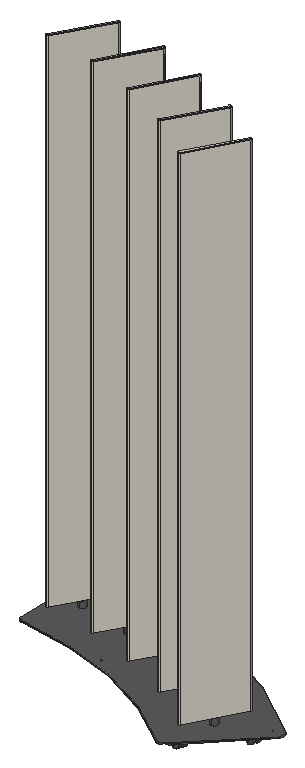
Revit family "Haworth_BuzziBlinds_ClassicScreen_CurveBase", category Furniture, Revit 2018
Family settings
  OmniClass Number = 23.40.20.00
  OmniClass Title = General Furniture and Specialties
  Work Plane-Based = No
  Always vertical = Yes
  Cut with Voids When Loaded = No
  Shared = No
  Room Calculation Point = No
Parameters (values of type "HCBZ-BDC3-CC - Large Screen - With Casters")
  Upholstery Finish [instance] = Haworth _ Fabric _ Buzzifelt _ Offwhite BFE-63
  Warranty = "http://www.haworth.com/resources/product-info/warranties"
  URL - Product = "https://www.haworth.com/products/architectural-interiors/acoustic-solutions/buzziblinds"
  URL = "http://www.haworth.com/our-brands/haworth-collection"
  Small = not(or(Medium, Large))  # no
  Size = "Verify Final Dim. w/ Haworth"  # constant formula
  Revision = "1"  # constant formula
  Model = "HCBZ-BD"  # constant formula
  Medium = no
  Manufacturer = "Haworth"  # constant formula
  Large = yes
  Description = "Haworth BuzziBlinds - Large Classic Screen - Curved Base - With Casters"
  Casters = yes
  Base Finish [instance] = Haworth _ Paint _ Collection Black
  Author = "Haworth (Alias)"  # constant formula
  Assembly Code = "E2020200"
  Actual Width = 42.910"  # constant formula
  Actual Height = if(Small, 45.280", if(Medium, 59.060", 72.830"))  # 72.830"
  Actual Depth = 17.130"  # constant formula
Types (7): name | Small | Medium | Large | Description | Casters | Actual Height
  (no name) | no | no | yes | "Haworth BuzziBlinds - Large Classic Screen - Curved Base - With Casters" | yes | 72.830"
  HCBZ-BDC3-CC - Large Screen - With Casters | no | no | yes | "Haworth BuzziBlinds - Large Classic Screen - Curved Base - With Casters" | yes | 72.830"
  HCBZ-BDC3-C - Large Screen - Without Casters | no | no | yes | "Haworth BuzziBlinds - Large Classic Screen - Curved Base - Without Casters" | no | 72.830"
  HCBZ-BDC2-CC - Medium Screen - With Casters | no | yes | no | "Haworth BuzziBlinds - Medium Classic Screen - Curved Base - With Casters" | yes | 59.060"
  HCBZ-BDC2-C - Medium Screen - Without Casters | no | yes | no | "Haworth BuzziBlinds - Medium Classic Screen - Curved Base - Without Casters" | no | 59.060"
  HCBZ-BDC1-CC - Small Screen - With Casters | yes | no | no | "Haworth BuzziBlinds - Small Classic Screen - Curved Base - With Casters" | yes | 45.280"
  HCBZ-BDC1-C - Small Screen - Without Casters | yes | no | no | "Haworth BuzziBlinds - Small Classic Screen - Curved Base - Without Casters" | no | 45.280"
Reference planes (in)
  plane 1: z = 0
  plane 2 "Center Left/Right": x = 0
  plane 3 "Center F/B": y = -2.83752
  plane 4 "Left": x = -18.43171
  plane 5 "Back": y = 8.5981
  plane 6 "Right": x = 21.17298
  plane 7 "Front": y = -17.91684
  plane 8: x = 7.08705
  plane 9: x = 13.43757
  plane 10: x = -7.08111
  plane 11: x = -14.66257
  plane 12: y = -10.62747
  plane 13: y = -6.2655
  plane 14: y = -0.39686
  plane 15: y = 1.01215
  plane 16: through (21.17298, -8.25233, 48) normal (0.7071, -0.7071, 0)
  plane 17: through (20.95093, -7.40915, 48) normal (0.7071, 0.7071, 0)
  plane 18: through (10.66035, -17.69973, 48) normal (0.7071, 0.7071, 0)
  plane 19: y = -5.90774
Dimensions and locks (in)
  aligned and locked: plane 3 "Center F/B" to nested 2
  aligned and locked: plane 3 "Center F/B" to nested 6
  aligned and locked: nested 4 to plane 13
  aligned and locked: nested 5 to plane 12
  aligned and locked: plane 14 to nested 1
  aligned and locked: plane 15 to nested 3
  aligned and locked: nested 1 to nested 6
  aligned and locked: nested 4 to nested 6
  aligned and locked: plane 2 "Center Left/Right" to nested 6
  aligned and locked: plane 2 "Center Left/Right" to nested 2
  aligned and locked: nested 3 to plane 11
  aligned and locked: plane 8 to nested 4
  aligned and locked: plane 9 to nested 5
  aligned and locked: plane 1 to nested 6
  aligned and locked: nested 3 to nested 6
  aligned and locked: nested 2 to nested 6
  aligned and locked: nested 5 to nested 6
Nested families (in)
  nested 1: "Haworth_BuzziBlinds_ClassicScreen_Part" at (-7.08111, 2.44066, 0), type "Screen"
  nested 2: "Haworth_BuzziBlinds_ClassicScreen_Part" at (0, 0, 0), type "Screen"
  nested 3: "Haworth_BuzziBlinds_ClassicScreen_Part" at (-14.66257, 3.84966, 0), type "Screen"
  nested 4: "Haworth_BuzziBlinds_ClassicScreen_Part" at (7.08705, -3.42798, 0), type "Screen"
  nested 5: "Haworth_BuzziBlinds_ClassicScreen_Part" at (13.43757, -7.78996, 0), type "Screen"
  nested 6: "Haworth_BuzziBlinds_CurveBase_PART" at (0, 0, 0), type "Curve Base"
Definition of nested family "Haworth_BuzziBlinds_ClassicScreen_Part"
  Parameters (values of type "Screen")
    Upholstery Finish = none
    Warranty = "http://www.haworth.com/resources/product-info/warranties"
    URL - Product = "https://www.haworth.com/products/architectural-interiors/acoustic-solutions/buzziblinds"
    URL = "http://www.haworth.com/our-brands/haworth-collection"
    Size = "Verify Final Dim. w/ Haworth"  # constant formula
    Revision = "1"  # constant formula
    Model = "HCBZ-BD"  # constant formula
    Manufacturer = "Haworth"  # constant formula
    Description = "Haworth - BuzziBlinds - Screen Part"
    Base Finish = none
    Author = "Haworth (Alias)"  # constant formula
    Assembly Code = "E2020200"
    Actual Height = 72.830"
  Reference planes (in)
    plane 1: z = 0
    plane 2 "Center Left/Right": x = 0
    plane 3 "Center FB": y = -2.83752
    plane 4 "Screen Bottom": z = 2.36211
    plane 5 "Screen Top": z = 76.0085
    plane 6: z = 3.1785
    plane 7 "Middle Screen": through (2.09732, 0.79466, 48) normal (0.866, -0.5, 0)
  Forms (in)
    Revolve 1, solid, material <- "Base Finish"
      sketch origin (0, 0, 0) x (0, 1, 0) y (0, 0, 1)
        loop
          line (-2.83752, 3.1785) -> (-2.83752, 2.36211) -> (-2.34547, 2.36211) -> (-2.34547, 3.1785) -> (-2.83752, 3.1785)
        axis (-2.83752, 3.1785) -> (-2.83752, 2.36211)
      angle from 0 to 360
    Blend 2, solid, material <- "Upholstery Finish"
      base sketch origin (0, 0, 0) x (1, 0, 0) y (0, 1, 0)
        loop
          arc (2.33848, 0.66119) -> (2.28804, 0.84942) -> (2.09981, 0.79899) r 0.13779
          line (2.09981, 0.79899) -> (-2.09932, -6.47412)
          arc (-2.09932, -6.47412) -> (-2.04888, -6.66235) -> (-1.86065, -6.61191) r 0.13779
          line (-1.86065, -6.61191) -> (2.33848, 0.66119)
      top sketch origin (0, 0, 0) x (1, 0, 0) y (0, 1, 0)
        loop
          arc (2.33848, 0.66119) -> (2.28804, 0.84942) -> (2.09981, 0.79899) r 0.13779
          line (2.09981, 0.79899) -> (-2.09932, -6.47412)
          arc (-2.09932, -6.47412) -> (-2.04888, -6.66235) -> (-1.86065, -6.61191) r 0.13779
          line (-1.86065, -6.61191) -> (2.33848, 0.66119)
      from 3.1785 to 76.0085
    Blend 3, solid, material <- "Upholstery Finish"
      base sketch origin (2.45778, -1.419, 0) x (-0.5, 0.866025, 0) y (-0.866025, -0.5, 0)
        loop
          line (2.33848, -0.66119) -> (-1.86065, 6.61191)
          arc (-1.86065, 6.61191) -> (-2.04888, 6.66235) -> (-2.09932, 6.47412) r 0.13779
          line (-2.09932, 6.47412) -> (2.09981, -0.79899)
          arc (2.09981, -0.79899) -> (2.28804, -0.84942) -> (2.33848, -0.66119) r 0.13779
      top sketch origin (2.45778, -1.419, 0) x (-0.5, 0.866025, 0) y (-0.866025, -0.5, 0)
        loop
          line (2.33848, -0.66119) -> (-1.86065, 6.61191)
          arc (-1.86065, 6.61191) -> (-2.04888, 6.66235) -> (-2.09932, 6.47412) r 0.13779
          line (-2.09932, 6.47412) -> (2.09981, -0.79899)
          arc (2.09981, -0.79899) -> (2.28804, -0.84942) -> (2.33848, -0.66119) r 0.13779
      from 3.1785 to 76.0085
  Lines and regions (in)
    Masking region 1
      outline origin (0, 0, 8.6974) x (0, -1, 0) y (1, 0, 0)
        loop
          arc (-0.66119, 2.33848) -> (-0.84942, 2.28804) -> (-0.79899, 2.09981) r 0.13779
          arc (-0.79899, 2.09981) -> (-0.98721, 2.04938) -> (-0.93678, 1.86115) r 0.13779
          line (-0.93678, 1.86115) -> (6.33633, -2.33798)
          arc (6.33633, -2.33798) -> (6.52456, -2.28755) -> (6.47412, -2.09932) r 0.13779
          arc (6.47412, -2.09932) -> (6.66235, -2.04888) -> (6.61191, -1.86065) r 0.13779
          line (6.61191, -1.86065) -> (-0.66119, 2.33848)
  Dimensions and locks (in)
    locked: plane 6 to plane 4 "Screen Bottom" at 0.81639
    "Actual Height": plane 5 "Screen Top" to plane 6
    aligned and locked: Blend 2 to plane 6
    aligned and locked: plane 5 "Screen Top" to Blend 2
    aligned and locked: plane 5 "Screen Top" to Blend 3
  Automatic sketch dimensions
    Revolve 1 sketch curve to plane 3 "Center FB" = 0.000"  (x2)
    Revolve 1 sketch curve to plane 6 = 0.000"
    plane 4 "Screen Bottom" to Revolve 1 sketch curve = 0.000"
    Revolve 1 sketch curve to plane 3 "Center FB" = 0.49205"
    plane 4 "Screen Bottom" to Revolve 1 sketch curve = 0.93211"
    plane 6 to Revolve 1 sketch curve = 0.29688"
    plane 7 "Middle Screen" to Blend 2 sketch curve = 0.000"  (x4)
    Blend 2 sketch curve to plane 2 "Center Left/Right" = 2.09932"  (x2)
    Blend 2 sketch curve to Blend 2 sketch curve = 0.11933"  (x8)
    plane 2 "Center Left/Right" to Blend 2 sketch curve = 2.09981"  (x2)
    Blend 2 sketch curve to Blend 2 sketch curve = 0.0689"  (x2)
    Blend 2 sketch curve to Blend 2 sketch curve = 0.13779"  (x2)
    plane 7 "Middle Screen" to Blend 3 sketch curve = 0.000"  (x4)
    plane 2 "Center Left/Right" to Blend 3 sketch curve = 2.09932"  (x2)
    Blend 3 sketch curve to Blend 3 sketch curve = 0.11933"  (x8)
    Blend 3 sketch curve to Blend 3 sketch curve = 4.19913"  (x2)
    Blend 3 sketch curve to Blend 3 sketch curve = 0.0689"  (x2)
    Blend 3 sketch curve to Blend 3 sketch curve = 0.13779"  (x2)
    plane 7 "Middle Screen" to Masking region 1 sketch curve = 0.000"  (x4)
    plane 2 "Center Left/Right" to Masking region 1 sketch curve = 1.86115"
    Masking region 1 sketch curve to plane 3 "Center FB" = 3.77429"
    Masking region 1 sketch curve to Masking region 1 sketch curve = 0.0689"  (x6)
    Masking region 1 sketch curve to Masking region 1 sketch curve = 0.13779"  (x2)
    plane 2 "Center Left/Right" to Masking region 1 sketch curve = 2.33848"
    plane 3 "Center FB" to Masking region 1 sketch curve = 3.49881"
    Masking region 1 sketch curve to plane 2 "Center Left/Right" = 1.86065"
    Masking region 1 sketch curve to Masking region 1 sketch curve = 0.23866"
    Masking region 1 sketch curve to Masking region 1 sketch curve = 0.000"  (x2)
Definition of nested family "Haworth_BuzziBlinds_CurveBase_PART"
  Parameters (values of type "Curve Base")
    Warranty = "http://www.haworth.com/resources/product-info/warranties"
    URL - Product = "https://www.haworth.com/products/architectural-interiors/acoustic-solutions/buzziblinds"
    URL = "http://www.haworth.com/our-brands/haworth-collection"
    Size = "Verify Final Dim. w/ Haworth"  # constant formula
    Revision = "1"  # constant formula
    Model = "HCBZ-BD"  # constant formula
    Manufacturer = "Haworth"  # constant formula
    Description = "Haworth - BuzziBlinds - Base Part"
    Casters = yes
    Caster Finish = none
    Base Offset = if(Casters, 1.430", 0.000")  # 1.430"
    Base Finish = none
    Author = "Haworth (Alias)"  # constant formula
    Assembly Code = "E2020200"
    Arc Radius = 0.750"  # constant formula
    Actual Width = 42.910"  # constant formula
    Actual Depth = 17.130"  # constant formula
  Reference planes (in)
    plane 1: z = 0
    plane 2 "Center Left/Right": x = 0
    plane 3 "Center FB": y = -2.83752
    plane 4: z = 1.43
    plane 5 "Middle Base": z = 2.244
    plane 6 "Top Base": z = 2.36211
    plane 7: x = -18.43171
    plane 8: through (20.92701, -8.4983, 48) normal (0.7071, -0.7071, 0)
    plane 9: y = 8.5981
    plane 10: y = -17.91684
    plane 11: x = 21.17298
  Forms (in)
    Extrusion 1, solid, material <- "Base Finish"
      sketch origin (0, 0, 0) x (1, 0, 0) y (0, 1, 0)
        loop
          line (-18.4467, 7.8481) -> (-18.4467, -5.1623)
          arc (-18.4467, -5.1623) -> (-18.24605, -5.6729) -> (-17.75146, -5.9103) r 0.75
          arc (-17.75146, -5.9103) -> (-2.5666, -9.52076) -> (10.70592, -17.73388) r 48.87817
          arc (10.70592, -17.73388) -> (11.22393, -17.91684) -> (11.72767, -17.69764) r 0.75
          line (11.72767, -17.69764) -> (20.95356, -8.47175)
          arc (20.95356, -8.47175) -> (21.17298, -7.92183) -> (20.92514, -7.38412) r 0.75
          arc (20.92514, -7.38412) -> (3.00733, 3.92253) -> (-17.65754, 8.59708) r 62.53216
          arc (-17.65754, 8.59708) -> (-18.213, 8.3921) -> (-18.4467, 7.8481) r 0.75
      from 2.244 to 2.36211
    Extrusion 2, solid, material <- "Base Finish"
      sketch origin (0, 0, 8.6974) x (0, -1, 0) y (1, 0, 0)
        loop
          arc (4.12471, -17.26559) -> (4.63107, -17.06886) -> (4.87177, -16.58186) r 0.75
          arc (4.87177, -16.58186) -> (8.42312, -2.10643) -> (16.14761, 10.64042) r 49.1811
          arc (16.14761, 10.64042) -> (16.32176, 11.15499) -> (16.10283, 11.65215) r 0.75
          line (16.10283, 11.65215) -> (8.52445, 19.23053)
          arc (8.52445, 19.23053) -> (7.96676, 19.44971) -> (7.42653, 19.19046) r 0.75
          arc (7.42653, 19.19046) -> (-2.83137, 2.55533) -> (-7.34075, -16.46092) r 61.38588
          arc (-7.34075, -16.46092) -> (-7.14207, -17.02623) -> (-6.59275, -17.26559) r 0.75
          line (-6.59275, -17.26559) -> (4.12471, -17.26559)
      from -7.2674 to -6.4534
  Lines and regions (in)
    Masking region 1
      outline origin (0, 0, 8.6974) x (0, -1, 0) y (1, 0, 0)
        loop
          arc (5.9103, -17.75146) -> (9.52076, -2.5666) -> (17.73388, 10.70592) r 48.87817
          arc (17.73388, 10.70592) -> (17.91684, 11.22393) -> (17.69764, 11.72767) r 0.75
          line (17.69764, 11.72767) -> (8.47175, 20.95356)
          arc (8.47175, 20.95356) -> (7.92183, 21.17298) -> (7.38412, 20.92514) r 0.75
          arc (7.38412, 20.92514) -> (-3.92253, 3.00733) -> (-8.59708, -17.65754) r 62.53216
          arc (-8.59708, -17.65754) -> (-8.3921, -18.213) -> (-7.8481, -18.4467) r 0.75
          line (-7.8481, -18.4467) -> (5.1623, -18.4467)
          arc (5.1623, -18.4467) -> (5.6729, -18.24605) -> (5.9103, -17.75146) r 0.75
  Dimensions and locks (in)
    locked: plane 6 "Top Base" to plane 5 "Middle Base" at 0.11811
    locked: plane 5 "Middle Base" to plane 4 at 0.814
    "Base Offset": plane 4 to plane 1
    aligned and locked: plane 6 "Top Base" to Extrusion 1
    aligned and locked: Extrusion 1 to plane 5 "Middle Base"
    aligned and locked: Extrusion 2 to plane 4
    aligned and locked: plane 5 "Middle Base" to Extrusion 2
  Automatic sketch dimensions
    plane 8 to Extrusion 1 sketch curve = 0.000"
    Extrusion 1 sketch curve to plane 7 = 2.88869"
    Extrusion 1 sketch curve to Extrusion 1 sketch curve = 0.39806"
    Extrusion 1 sketch curve to plane 7 = 0.01499"
    plane 7 to Extrusion 1 sketch curve = 0.73501"  (x2)
    Extrusion 1 sketch curve to plane 10 = 0.74953"
    Extrusion 1 sketch curve to plane 11 = 9.97563"
    Extrusion 1 sketch curve to plane 10 = 0.2192"
    Extrusion 1 sketch curve to Extrusion 1 sketch curve = 0.53033"  (x2)
    Extrusion 1 sketch curve to plane 11 = 0.74974"
    Extrusion 1 sketch curve to plane 11 = 0.21941"
    plane 10 to Extrusion 1 sketch curve = 35.93295"
    Extrusion 1 sketch curve to Extrusion 1 sketch curve = 0.80821"
    plane 3 "Center FB" to Extrusion 1 sketch curve = 2.32479"
    Extrusion 1 sketch curve to plane 9 = 0.750"
    Extrusion 1 sketch curve to Extrusion 1 sketch curve = 0.000"  (x2)
    Extrusion 2 sketch curve to plane 9 = 2.00536"
    plane 3 "Center FB" to Extrusion 2 sketch curve = 1.28719"
    Extrusion 2 sketch curve to plane 11 = 2.47277"
    plane 3 "Center FB" to Extrusion 2 sketch curve = 5.1566"
    Extrusion 2 sketch curve to plane 11 = 1.94244"
    Extrusion 2 sketch curve to Extrusion 2 sketch curve = 0.53033"  (x3)
    Extrusion 2 sketch curve to plane 10 = 2.34434"
    Extrusion 2 sketch curve to plane 7 = 2.49552"
    plane 10 to Extrusion 2 sketch curve = 35.9437"
    Extrusion 2 sketch curve to Extrusion 2 sketch curve = 0.02125"
    Extrusion 2 sketch curve to Extrusion 2 sketch curve = 0.0088"
    plane 7 to Extrusion 2 sketch curve = 1.16612"
    Extrusion 2 sketch curve to Extrusion 2 sketch curve = 0.750"  (x2)
    Extrusion 2 sketch curve to plane 11 = 10.05116"
    Extrusion 2 sketch curve to Extrusion 2 sketch curve = 0.000"  (x2)
    plane 8 to Masking region 1 sketch curve = 0.000"
    Masking region 1 sketch curve to plane 9 = 0.750"
    plane 7 to Masking region 1 sketch curve = 0.73501"  (x2)
    plane 3 "Center FB" to Masking region 1 sketch curve = 2.32479"
    Masking region 1 sketch curve to plane 11 = 0.74974"
    plane 3 "Center FB" to Masking region 1 sketch curve = 5.1039"
    Masking region 1 sketch curve to plane 11 = 0.21941"
    Masking region 1 sketch curve to plane 10 = 0.74953"
    Masking region 1 sketch curve to plane 10 = 0.2192"
    Masking region 1 sketch curve to plane 7 = 2.49063"
    plane 10 to Masking region 1 sketch curve = 35.93295"
    Masking region 1 sketch curve to Masking region 1 sketch curve = 0.80821"
    Masking region 1 sketch curve to Masking region 1 sketch curve = 0.39806"
    Masking region 1 sketch curve to plane 7 = 0.01499"
    Masking region 1 sketch curve to plane 11 = 9.97563"
    Masking region 1 sketch curve to Masking region 1 sketch curve = 0.53033"
    Masking region 1 sketch curve to Masking region 1 sketch curve = 0.000"  (x2)
  Nested families (in)
    nested 1: "Haworth_BuzziBlinds_Casters_PART" at (-15.29542, 5.28127, 0) x (0.9239, -0.3827, 0) z (0, 0, 1), visible <- "Casters", type "Casters"
    nested 2: "Haworth_BuzziBlinds_Casters_PART" at (-15.30067, -3.01889, 0) x (0.9239, -0.3827, 0) z (0, 0, 1), visible <- "Casters", type "Casters"
    nested 3: "Haworth_BuzziBlinds_Casters_PART" at (16.91152, -8.05898, 0) x (0.9239, -0.3827, 0) z (0, 0, 1), visible <- "Casters", type "Casters"
    nested 4: "Haworth_BuzziBlinds_Casters_PART" at (11.05014, -13.91829, 0) x (0.9239, -0.3827, 0) z (0, 0, 1), visible <- "Casters", type "Casters"
  Definition of nested family "Haworth_BuzziBlinds_Casters_PART"
    Parameters (values of type "Casters")
      Warranty = "http://www.haworth.com/product-info/warranties"
      Version = "1"  # constant formula
      URL - Product = "https://www.haworth.com/products/architectural-interiors/acoustic-solutions/buzziblinds"
      URL = "http://www.haworth.com/our-brands/haworth-collection"
      Size = "Verify Final Dim. w/ Haworth"  # constant formula
      Model = "HCBZ-BD"  # constant formula
      Manufacturer = "Haworth"  # constant formula
      Description = "Haworth BuzziBlinds - Casters Part"
      Caster Finish = none
      Author = "Haworth (Alias)"  # constant formula
      Assembly Code = "E2020200"
    Reference planes (in)
      plane 1 "Center Front/Back": y = 0
      plane 2 "Bottom": z = 0
      plane 3 "Center Left/Right": x = 0
      plane 4: z = 1.77165
    Forms (in)
      Revolve 1, solid, material <- "Caster Finish"
        sketch origin (0, 0, 0) x (0, 1, 0) y (0, 0, 1)
          loop
            line (-0.74803, 0.70866) -> (0.74803, 0.70866) -> (0.74803, 1.16732)
            arc (0.74803, 1.16732) -> (0.67481, 1.3441) -> (0.49803, 1.41732) r 0.25
            line (0.49803, 1.41732) -> (0.27559, 1.41732) -> (0.27559, 0.98425) -> (-0.27559, 0.98425) -> (-0.27559, 1.41732) -> (-0.49803, 1.41732)
            arc (-0.49803, 1.41732) -> (-0.67481, 1.3441) -> (-0.74803, 1.16732) r 0.25
            line (-0.74803, 1.16732) -> (-0.74803, 0.70866)
          axis (-0.74803, 0.70866) -> (0.74803, 0.70866)
        angle from 0 to 360
      Revolve 2, solid, material <- "Caster Finish"
        sketch origin (0, 0, 0) x (0, 1, 0) y (0, 0, 1)
          loop
            line (0, 1.77165) -> (0, 0.82558) -> (0.10753, 0.82558) -> (0.10753, 1.77165) -> (0, 1.77165)
          axis (0, 1.77165) -> (0, 0.82558)
        angle from 0 to 360
    Lines and regions (in)
      Masking region 1
        outline origin (0, 0, 0) x (1, 0, 0) y (0, 1, 0)
          loop
            line (-0.27559, -0.27559) -> (-0.70866, -0.27559) -> (-0.70866, -0.49803)
            arc (-0.70866, -0.49803) -> (-0.63544, -0.67481) -> (-0.45866, -0.74803) r 0.25
            line (-0.45866, -0.74803) -> (0.45866, -0.74803)
            arc (0.45866, -0.74803) -> (0.63544, -0.67481) -> (0.70866, -0.49803) r 0.25
            line (0.70866, -0.49803) -> (0.70866, -0.27559) -> (0.27559, -0.27559) -> (0.27559, 0.27559) -> (0.70866, 0.27559) -> (0.70866, 0.49803)
            arc (0.70866, 0.49803) -> (0.63544, 0.67481) -> (0.45866, 0.74803) r 0.25
            line (0.45866, 0.74803) -> (-0.45866, 0.74803)
            arc (-0.45866, 0.74803) -> (-0.63544, 0.67481) -> (-0.70866, 0.49803) r 0.25
            line (-0.70866, 0.49803) -> (-0.70866, 0.27559) -> (-0.27559, 0.27559) -> (-0.27559, -0.27559)
    Dimensions and locks (in)
      locked: plane 4 to plane 2 "Bottom" at 1.77165
      aligned and locked: level to plane 2 "Bottom"
